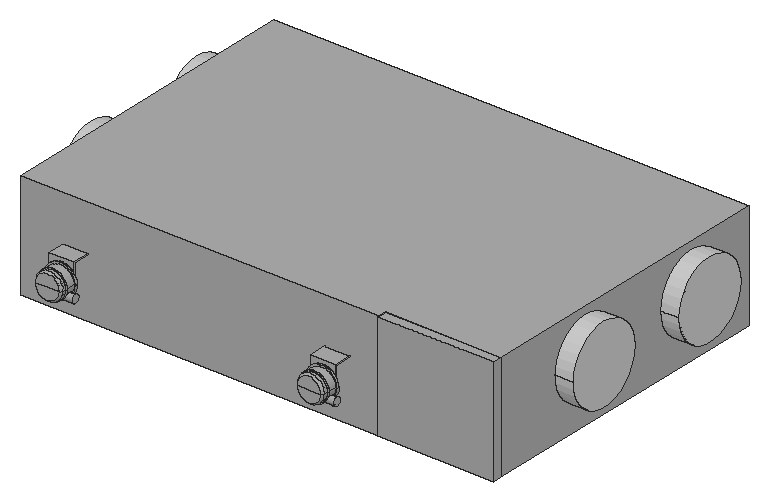
Revit family "BLAUBERG-KOMFORT_EC_DBW_550_Right", category Mechanical Equipment, Revit 2019
Family settings
  Round Connector Dimension = Use Diameter
  Classification = None
  Part Type = Normal
  OmniClass Number = 23.75.35.14
  OmniClass Title = Air Handling Units
  Work Plane-Based = No
  Always vertical = Yes
  Cut with Voids When Loaded = No
  Shared = No
  Room Calculation Point = No
Parameters (values of type "KOMFORT EC DBW 550 R S21")
  Weight = 68.00 kg
  LDrainCon = 28 mm
  Maximum Unit Power = 297 W
  Maximum Unit Current = 2.4 A
  HeaterSupplyConL = 355 mm
  HeaterSupplyConH = 30 mm
  HeaterReturnConL = 376 mm
  HeaterReturnConH = 118 mm
  Heater Pressure Drop [instance] = 0.0 Pa
  Heater Power [instance] = 0 W
  Heater Flow [instance] = 0.0 L/s
  Heater Connection Diameter = 20 mm
  Heat Exchanger Material = "polystyrene"
  LDuctCon = 50 mm  # constant formula
  HDrainCon = 31 mm
  H = 280 mm
  Front Maintenance Zone Width = H  # 280 mm
  Front Maintenance Zone Length = L  # 1238 mm
  ElBoxB1 = 22 mm
  ElBoxB = 24 mm
  ElBoxL = 302 mm
  DrainPipe = yes
  DrainD = if(Drain Connection Diameter = 0 mm, 1 mm, Drain Connection Diameter)  # 14 mm
  Drain Flow [instance] = 0.0 L/s
  Drain Connection Diameter = 14 mm
  LDrainCon2 = 437 mm
  LDrainCon1 = 280 mm
  DPS_H = 170 mm
  DPS_L2 = 410 mm
  DPS_L1 = 145 mm
  B2 = 188 mm
  Air Flow Factor [instance] = 1  # constant formula
  B1 = 295 mm
  Air Flow Exhaust [instance] = 0 m³/h
  L = 1238 mm
  Voltage = 230 V
  URL = "https://blaubergventilatoren.de/en/product/komfort-ec-dbw-550-r-s21"
  Type Comments = "Air Handling Unit KOMFORT EC DBW 550 R S21"
  Transported Air Temperature (°C) = "-25…+40"
  Supply Air Filter = "G4 (F7 option)"
  Sound Pressure Level at 3 m (dBA) = 30
  SEC Class = "A"
  RPM (min-1) = 3100
  Power Factor = 1
  Power = Maximum Unit Power  # 297 W
  Number of Poles = 1
  Model = "KOMFORT EC DBW 550 R S21"
  Maximum Air Flow = 620 m³/h
  Manufacturer = "Blauberg"
  Maintenance Zone Material = Maintenance Zone
  Front Maintenance Zone Height = 850 mm
  Maintenance Zone [instance] = no
  Load Classification = HVAC
  B = 828 mm
  Heat recovery efficiency (%) = "78..90"
  Heat Exchanger Type = "counter-flow"
  H1 = 118 mm
  Metal Material = Metal Zinc
  Family Version = "1.0"  # constant formula
  Extract Air Filter = "G4"
  Duct Connection Diameter = 200 mm
  Description = "Air Handling Unit"
  D = Duct Connection Diameter  # 200 mm
  Current = Maximum Unit Current  # 2.4 A
  Copyright = "©Blauberg"
  Casing Material = Painted Steel Gray
  Apparent Power [instance] = Power / Power Factor  # 297 VA
  Air Flow Supply [instance] = 0 m³/h
Types (2, lengths in mm): name | Heat Exchanger Material | DrainPipe | DrainD | Drain Connection Diameter | URL | Type Comments | Model | Heat recovery efficiency (%)
  KOMFORT EC DBW 550 R S21 | "polystyrene" | yes | 14 | 14 | "https://blaubergventilatoren.de/en/product/komfort-ec-dbw-550-r-s21" | "Air Handling Unit KOMFORT EC DBW 550 R S21" | "KOMFORT EC DBW 550 R S21" | "78..90"
  KOMFORT EC DBW 550-E R S21 | "enthalpy" | no | 1 | 0 | "https://blaubergventilatoren.de/en/product/komfort-ec-dbw-550-e-r-s21" | "Air Handling Unit KOMFORT EC DBW 550-E R S21" | "KOMFORT EC DBW 550-E R S21" | "69..87"
Reference planes
  plane 1 "Center (Front/Back)": y = 0
  plane 2: z = 0
  plane 3 "Center (Left/Right)": x = 0
  plane 4 "Back": y = 414
  plane 5 "Front": y = -414
  plane 6 "L": x = -619
  plane 7 "R": x = 619
  plane 8 "DuctConB2": y = 226
  plane 9 "DuctConB1": y = -119
  plane 10: x = -669
  plane 11: x = 669
  plane 12 "Top": z = 118
  plane 13 "Bottom": z = -162
  plane 14 "DrainConH": z = -131
  plane 15 "DrainConL1": x = -339
  plane 16 "DrainConL2": x = 182
  plane 17 "S": y = 442
  plane 18 "ElBox": y = -392
  plane 19: y = -416
  plane 20: x = 317
  plane 21 "DPSL1": x = 209
  plane 22 "DPSL2": x = -474
  plane 23 "DPS_H": z = -52
  plane 24 "HeaterReturnConH": z = -44
  plane 25 "HeaterSupplyConH": z = -132
  plane 26 "HeaterSupplyConL": x = 264
  plane 27 "HeaterReturnConL": x = 243
Forms (mm)
  Extrusion 1, solid, material "Painted Steel Gray" <- "Casing Material", detail levels medium+fine
    sketch origin (0, 0, 0) x (1, 0, 0) y (0, 1, 0)
      loop
        line (-619, 414) -> (-619, -414) -> (317, -414) -> (317, -392) -> (619, -392) -> (619, 414) -> (-619, 414)
    from -162 to 118
  Extrusion 2, solid, material "Metal Zinc" <- "Metal Material", detail levels medium+fine
    sketch origin (-619, 0, 0) x (0, 1, 0) y (0, 0, 1)
      loop
        circle (226, 0) r 100
      loop
        circle (-119, 0) r 100
    from 0 to -50
  Extrusion 3, solid, material "Metal Zinc" <- "Metal Material", detail levels medium+fine
    sketch origin (619, 0, 0) x (0, 1, 0) y (0, 0, 1)
      loop
        circle (226, 0) r 100
      loop
        circle (-119, 0) r 100
    from 0 to 50
  Extrusion 4, solid, visible <- "DrainPipe", detail levels medium+fine
    sketch origin (0, 414, 0) x (-1, 0, 0) y (0, 0, 1)
      loop
        circle (339, -131) r 7
    from 0 to 28
  Extrusion 5, solid, visible <- "DrainPipe", detail levels medium+fine
    sketch origin (0, 414, 0) x (-1, 0, 0) y (0, 0, 1)
      loop
        circle (-182, -131) r 7
    from 0 to 28
  Extrusion 6, solid, material "Painted Steel Gray" <- "Casing Material", detail levels medium+fine
    sketch origin (0, 0, 0) x (1, 0, 0) y (0, 1, 0)
      loop
        line (317, -416) -> (619, -416) -> (619, -392) -> (317, -392) -> (317, -416)
    from -162 to 118
  Extrusion 7, solid, material "Painted Steel Gray" <- "Casing Material", detail levels medium+fine
    sketch origin (0, 414, 0) x (-1, 0, 0) y (0, 0, 1)
      loop
        circle (-264, -132) r 10
      loop
        circle (-243, -44) r 10
    from 0 to 28
Lines and regions (mm)
  model lines, detail levels coarse
    curve 1: line (-619, 414, 0) -> (619, 414, 0)
    curve 2: line (-619, -414, 0) -> (-619, 414, 0)
    curve 3: line (619, -414, 0) -> (-619, -414, 0)
    curve 4: line (619, 414, 0) -> (619, -414, 0)
    curve 5: line (-619, 226, 0) -> (-669, 226, 0)
    curve 6: line (-619, -119, 0) -> (-669, -119, 0)
    curve 7: line (619, -119, 0) -> (669, -119, 0)
    curve 8: line (619, 226, 0) -> (669, 226, 0)
Dimensions and locks
  equal spacing: plane 6 "L", plane 3 "Center (Left/Right)", plane 7 "R"
  "L": plane 6 "L" to plane 7 "R"
  equal spacing: plane 4 "Back", plane 1 "Center (Front/Back)", plane 5 "Front"
  "B": plane 4 "Back" to plane 5 "Front"
  "B2": plane 4 "Back" to plane 8 "DuctConB2"
  "B1": plane 9 "DuctConB1" to plane 5 "Front"
  "LDuctCon": plane 10 to plane 6 "L"
  "LDuctCon": plane 7 "R" to plane 11
  "H1": plane 12 "Top" to level
  "H": plane 12 "Top" to plane 13 "Bottom"
  "HDrainCon": plane 14 "DrainConH" to plane 13 "Bottom"
  "LDrainCon1": plane 6 "L" to plane 15 "DrainConL1"
  "LDrainCon2": plane 16 "DrainConL2" to plane 7 "R"
  "ElBoxL": plane 20 to plane 7 "R"
  "DPS_L1": plane 6 "L" to plane 22 "DPSL2"
  "DPS_L2": plane 21 "DPSL1" to plane 7 "R"
  "DPS_H": plane 12 "Top" to plane 23 "DPS_H"
  "LDrainCon": plane 17 "S" to plane 4 "Back"
  "ElBoxB1": plane 18 "ElBox" to plane 5 "Front"
  "ElBoxB": plane 18 "ElBox" to plane 19
  "HeaterSupplyConH": plane 13 "Bottom" to plane 25 "HeaterSupplyConH"
  "HeaterReturnConH": plane 13 "Bottom" to plane 24 "HeaterReturnConH"
  "HeaterSupplyConL": plane 26 "HeaterSupplyConL" to plane 7 "R"
  "HeaterReturnConL": plane 27 "HeaterReturnConL" to plane 7 "R"
  "D": diameter of Extrusion 2 sketch curve  (x2)
  "D": diameter of Extrusion 3 sketch curve  (x2)
  "DrainD": diameter of Extrusion 4 sketch curve
  "DrainD": diameter of Extrusion 5 sketch curve
  "Heater Connection Diameter": diameter of Extrusion 7 sketch curve  (x2)
  aligned and locked: level to plane 2
  aligned and locked: Extrusion 1 sketch curve to plane 4 "Back"
  aligned and locked: plane 6 "L" to Extrusion 1 sketch curve
  aligned and locked: plane 5 "Front" to Extrusion 1 sketch curve
  aligned and locked: plane 12 "Top" to Extrusion 1
  aligned and locked: Extrusion 1 to plane 13 "Bottom"
  aligned and locked: plane 11 to Extrusion 3
  aligned and locked: Extrusion 2 to plane 10
  aligned and locked: Extrusion 4 to plane 17 "S"
  aligned and locked: Extrusion 5 to plane 17 "S"
  aligned and locked: Extrusion 6 sketch curve to plane 19
  aligned and locked: plane 18 "ElBox" to Extrusion 6 sketch curve
  aligned and locked: Extrusion 6 sketch curve to plane 7 "R"
  aligned and locked: plane 12 "Top" to Extrusion 6
  aligned and locked: Extrusion 6 to plane 13 "Bottom"
  aligned and locked: plane 20 to Extrusion 6 sketch curve
  aligned and locked: nested 1 to plane 3 "Center (Left/Right)"
  aligned and locked: plane 12 "Top" to nested 1
  aligned and locked: curve 3 to Extrusion 1
  aligned and locked: plane 10 to curve 5
  aligned and locked: plane 6 "L" to curve 5
  aligned and locked: plane 8 "DuctConB2" to curve 5
  aligned and locked: plane 10 to curve 6
  aligned and locked: plane 6 "L" to curve 6
  aligned and locked: plane 9 "DuctConB1" to curve 6
  aligned and locked: plane 11 to curve 7
  aligned and locked: plane 7 "R" to curve 7
  aligned and locked: curve 7 to plane 9 "DuctConB1"
  aligned and locked: plane 11 to curve 8
  aligned and locked: curve 8 to plane 8 "DuctConB2"
  aligned and locked: plane 20 to Extrusion 1 sketch curve
  aligned and locked: plane 7 "R" to Extrusion 1 sketch curve
  aligned and locked: Extrusion 1 sketch curve to plane 18 "ElBox"
  aligned and locked: Extrusion 1 sketch curve to plane 20
  aligned and locked: nested 1 to plane 5 "Front"
  aligned and locked: nested 2 to plane 23 "DPS_H"
  aligned and locked: plane 22 "DPSL2" to nested 2
  aligned and locked: nested 3 to plane 23 "DPS_H"
  aligned and locked: plane 21 "DPSL1" to nested 3
Automatic sketch dimensions
  curve 2 to plane 4 "Back" = 0 mm
  Extrusion 2 sketch curve to level = 0 mm  (x2)
  Extrusion 2 sketch curve to plane 9 "DuctConB1" = 0 mm
  Extrusion 2 sketch curve to plane 8 "DuctConB2" = 0 mm
  Extrusion 3 sketch curve to level = 0 mm  (x2)
  Extrusion 3 sketch curve to plane 9 "DuctConB1" = 0 mm
  Extrusion 3 sketch curve to plane 8 "DuctConB2" = 0 mm
  Extrusion 4 sketch curve to plane 14 "DrainConH" = 0 mm
  Extrusion 4 sketch curve to plane 15 "DrainConL1" = 0 mm
  Extrusion 5 sketch curve to plane 14 "DrainConH" = 0 mm
  Extrusion 5 sketch curve to plane 16 "DrainConL2" = 0 mm
  Extrusion 7 sketch curve to plane 25 "HeaterSupplyConH" = 0 mm
  Extrusion 7 sketch curve to plane 26 "HeaterSupplyConL" = 0 mm
  Extrusion 7 sketch curve to plane 24 "HeaterReturnConH" = 0 mm
  Extrusion 7 sketch curve to plane 27 "HeaterReturnConL" = 0 mm
Nested families
  nested 1: "MaintenanceZone_Rect" at (0, -1264, -22) x (-1, 0, 0) z (0, -1, 0), visible <- "Maintenance Zone", type "Side", detail levels medium+fine
    with Maintenance Zone Width 280 mm, Maintenance Zone Length 1238 mm, Maintenance Zone Height 850 mm
  nested 2: "DPS" at (-474, -414, -52) x (1, 0, 0) z (0, -1, 0), type "DPS", detail levels medium+fine
  nested 3: "DPS" at (209, -414, -52) x (1, 0, 0) z (0, -1, 0), type "DPS", detail levels medium+fine
Connectors
  electrical at (619, -404, -22), driven by "Number of Poles", driven by "Load Classification", driven by "Voltage", driven by "Apparent Power", driven by "Power Factor"
    settings: on Extrusion 6, index 1, voltage 230 V, apparent load 297 VA, apparent load phase1 0 VA, apparent load phase2 0 VA, apparent load phase3 0 VA, power factor 1, load classification "HVAC", number of poles 1, system type 30, power factor state 1, is connector primary yes, connector utility no, sub classification motor no, connector description ""
  hvac at (669, -119, 0), driven by "Duct Connection Diameter", driven by "Air Flow Supply"
    settings: on Extrusion 3, index 2, duct flow 0 m³/h, flow factor 0, pres drop 0.0 Pa, loss coef 0, conn angle 0.00°, conn width 304.8 mm, conn height 304.8 mm, conn diameter 200 mm, duct sys type 3, conn prof type 0, flow config 0, flow direction 1, loss method 0, conn ref index -1, conn util no, is conn primary yes, conn desc "Extract Air"
  hvac at (669, 226, 0), driven by "Duct Connection Diameter", driven by "Air Flow Exhaust"
    settings: on Extrusion 3, index 3, duct flow 0 m³/h, flow factor 0, pres drop 0.0 Pa, loss coef 0, conn angle 0.00°, conn width 304.8 mm, conn height 304.8 mm, conn diameter 200 mm, duct sys type 1, conn prof type 0, flow config 0, flow direction 2, loss method 0, conn ref index -1, conn util no, is conn primary no, conn desc "Supply Air"
  hvac at (-669, 226, 0), driven by "Duct Connection Diameter", driven by "Air Flow Supply"
    settings: on Extrusion 2, index 4, duct flow 0 m³/h, flow factor 0, pres drop 0.0 Pa, loss coef 0, conn angle 0.00°, conn width 304.8 mm, conn height 304.8 mm, conn diameter 200 mm, duct sys type 3, conn prof type 0, flow config 1, flow direction 2, loss method 0, conn ref index -1, conn util no, is conn primary no, conn desc "Exhaust Air"
  hvac at (-669, -119, 0), driven by "Duct Connection Diameter", driven by "Air Flow Exhaust"
    settings: on Extrusion 2, index 5, duct flow 0 m³/h, flow factor 0, pres drop 0.0 Pa, loss coef 0, conn angle 0.00°, conn width 304.8 mm, conn height 304.8 mm, conn diameter 200 mm, duct sys type 1, conn prof type 0, flow config 1, flow direction 1, loss method 0, conn ref index -1, conn util no, is conn primary no, conn desc "Intake Air"
  piping at (-339, 442, -131), diameter 14, driven by "Drain Connection Diameter", driven by "Drain Flow"
    settings: on Extrusion 4, index 6, connector inside diameter 609.6 mm, connector length 0 mm, flow factor 0, pipe flow 0.0 L/s, pressure drop 0.0 Pa, fitting loss kfactor 0, connector angle 0.00°, fixture units 0, engagement length 0 mm, angle of deflection 0.00°, flow configuration 1, flow direction 2, fitting loss method 0, system type 16, joint type 0, gender type 0, connector reference index -1, connector utility 0, adjustable connector no, is connector primary yes, connector description ""
  piping at (182, 442, -131), diameter 14, driven by "Drain Connection Diameter", driven by "Drain Flow"
    settings: on Extrusion 5, index 7, connector inside diameter 609.6 mm, connector length 0 mm, flow factor 0, pipe flow 0.0 L/s, pressure drop 0.0 Pa, fitting loss kfactor 0, connector angle 0.00°, fixture units 0, engagement length 0 mm, angle of deflection 0.00°, flow configuration 1, flow direction 2, fitting loss method 0, system type 16, joint type 0, gender type 0, connector reference index -1, connector utility 0, adjustable connector no, is connector primary no, connector description ""
  piping at (243, 442, -44), diameter 20, driven by "Heater Flow", driven by "Heater Pressure Drop", driven by "Heater Connection Diameter"
    settings: on Extrusion 7, index 8, connector inside diameter 609.6 mm, connector length 0 mm, flow factor 0, pipe flow 0.0 L/s, pressure drop 0.0 Pa, fitting loss kfactor 0, connector angle 0.00°, fixture units 0, engagement length 0 mm, angle of deflection 0.00°, flow configuration 1, flow direction 2, fitting loss method 4, system type 8, joint type 0, gender type 0, connector reference index -1, connector utility 0, adjustable connector no, is connector primary no, connector description "Water outlet"
  piping at (264, 442, -132), diameter 20, driven by "Heater Flow", driven by "Heater Pressure Drop", driven by "Heater Connection Diameter"
    settings: on Extrusion 7, index 9, connector inside diameter 609.6 mm, connector length 0 mm, flow factor 0, pipe flow 0.0 L/s, pressure drop 0.0 Pa, fitting loss kfactor 0, connector angle 0.00°, fixture units 0, engagement length 0 mm, angle of deflection 0.00°, flow configuration 1, flow direction 1, fitting loss method 4, system type 7, joint type 0, gender type 0, connector reference index -1, connector utility 0, adjustable connector no, is connector primary no, connector description "Water inlet"
Definition of nested family "MaintenanceZone_Rect"
  Parameters (values of type "MaintenanceZone_Rect")
    Maintenance Zone Width = 500 mm
    Material = none
    Maintenance Zone Length = 1000 mm
    Maintenance Zone Height = 300 mm
    Family Version = ""
    Default Elevation = 1219.2 mm
    Copyright = ""
  Reference planes
    plane 1 "Center (Front/Back)": y = 0
    plane 2: z = 0
    plane 3 "Center (Left/Right)": x = 0
    plane 4: x = -500
    plane 5: x = 500
    plane 6: y = 250
    plane 7: y = -250
    plane 8: z = -300
  Forms (mm)
    Extrusion 1, solid, material <- "Material", detail levels medium+fine
      sketch origin (0, 0, 0) x (1, 0, 0) y (0, 1, 0)
        loop
          line (-500, 250) -> (-500, -250) -> (500, -250) -> (500, 250) -> (-500, 250)
      from 0 to -300
  Lines and regions (mm)
    symbolic lines, detail levels medium+fine
      curve 1: line (-500, 0, 0) -> (500, 0, 0)
      curve 2: line (-500, 0, -300) -> (-500, 0, 0)
      curve 3: line (500, 0, -300) -> (-500, 0, -300)
      curve 4: line (500, 0, 0) -> (500, 0, -300)
      curve 5: line (0, 250, 0) -> (0, -250, 0)
      curve 6: line (0, 250, -300) -> (0, 250, 0)
      curve 7: line (0, -250, -300) -> (0, 250, -300)
      curve 8: line (0, -250, 0) -> (0, -250, -300)
      curve 9: line (-500, 250, 0) -> (500, 250, 0)
      curve 10: line (-500, -250, 0) -> (-500, 250, 0)
      curve 11: line (500, -250, 0) -> (-500, -250, 0)
      curve 12: line (500, 250, 0) -> (500, -250, 0)
  Dimensions and locks
    equal spacing: plane 6, plane 1 "Center (Front/Back)", plane 7
    equal spacing: plane 4, plane 3 "Center (Left/Right)", plane 5
    "Maintenance Zone Width": plane 6 to plane 7
    "Maintenance Zone Length": plane 4 to plane 5
    "Maintenance Zone Height": plane 2 to plane 8
    aligned and locked: level to plane 2
    aligned and locked: Extrusion 1 sketch curve to plane 6
    aligned and locked: plane 4 to Extrusion 1 sketch curve
    aligned and locked: plane 7 to Extrusion 1 sketch curve
    aligned and locked: Extrusion 1 sketch curve to plane 5
    aligned and locked: Extrusion 1 to plane 8
    aligned and locked: curve 1 to Extrusion 1
    aligned and locked: curve 2 to Extrusion 1
    aligned and locked: curve 3 to Extrusion 1
    aligned and locked: curve 4 to Extrusion 1
    aligned and locked: curve 5 to Extrusion 1
    aligned and locked: curve 6 to Extrusion 1
    aligned and locked: curve 7 to Extrusion 1
    aligned and locked: curve 8 to Extrusion 1
    aligned and locked: curve 9 to Extrusion 1
    aligned and locked: curve 10 to Extrusion 1
    aligned and locked: curve 11 to Extrusion 1
    aligned and locked: curve 12 to Extrusion 1
Definition of nested family "DPS"
  Parameters (values of type "DPS")
    W1 = 65 mm
    Thikness = 2 mm
    Material = none
    H1 = 47 mm
    Default Elevation = 1219.2 mm
  Reference planes
    plane 1 "Center (Front/Back)": y = 0
    plane 2: z = 0
    plane 3 "Center (Left/Right)": x = 0
    plane 4: z = 47
    plane 5: z = 51.5
    plane 6: z = 75.5
    plane 7: z = 78
    plane 8: z = 92
    plane 9: z = 86
    plane 10: x = -32.5
    plane 11: x = 32.5
    plane 12 "1": y = 50
    plane 13: y = 48
    plane 14: z = 45
    plane 15 "2": y = -22
    plane 16: z = 64
  Forms (mm)
    Revolve 1, solid, material <- "Material"
      sketch origin (0, 0, 0) x (1, 0, 0) y (0, 0, 1)
        loop
          line (-40.5, 47) -> (0, 47) -> (0, 92) -> (-31, 92) -> (-35, 86) -> (-35, 78) -> (-37.309, 78) -> (-37.309, 75.5) -> (-36, 75.5) -> (-36, 51.5) -> (-40.5, 51.5) -> (-40.5, 47)
        axis (0, 92) -> (0, 47)
      angle from 0 to 360
    Extrusion 2, solid, material <- "Material"
      sketch origin (0, 0, 0) x (0, 1, 0) y (0, 0, 1)
        loop
          line (50, 0) -> (50, 47) -> (0, 47) -> (0, 45) -> (48, 45) -> (48, 0) -> (50, 0)
      from -32.5 to 32.5
    Extrusion 3, solid, material <- "Material"
      sketch origin (0, 0, 0) x (0, 1, 0) y (0, 0, 1)
        loop
          circle (-22, 64) r 10
      from 0 to 50
  Cuts and joins
    joined: Revolve 1, Extrusion 3
  Dimensions and locks
    locked: plane 5 to plane 4 at 4.5
    locked: plane 6 to plane 5 at 24
    locked: plane 7 to plane 6 at 2.5
    locked: plane 8 to plane 9 at 6
    locked: plane 9 to plane 7 at 8
    "H1": plane 4 to level
    equal spacing: plane 11, plane 3 "Center (Left/Right)", plane 10
    "W1": plane 11 to plane 10
    "Thikness": plane 4 to plane 14
    "Thikness": plane 12 "1" to plane 13
    locked: plane 1 "Center (Front/Back)" to plane 12 "1" at 50
    locked: plane 15 "2" to plane 1 "Center (Front/Back)" at 22
    plane 16 to plane 4 = 17 mm
    aligned and locked: level to plane 2
    aligned and locked: Revolve 1 sketch curve to plane 3 "Center (Left/Right)"  (x2)
    aligned and locked: plane 6 to Revolve 1 sketch curve
    aligned and locked: plane 7 to Revolve 1 sketch curve
    aligned and locked: plane 5 to Revolve 1 sketch curve
    aligned and locked: plane 8 to Revolve 1 sketch curve
    aligned and locked: Extrusion 2 sketch curve to plane 13
    aligned and locked: plane 14 to Extrusion 2 sketch curve
    aligned and locked: Extrusion 2 sketch curve to plane 1 "Center (Front/Back)"
    aligned and locked: Extrusion 2 to plane 10
    aligned and locked: plane 11 to Extrusion 2
  Automatic sketch dimensions
    Revolve 1 sketch curve to plane 4 = 0 mm
    Revolve 1 sketch curve to plane 9 = 0 mm
    Revolve 1 sketch curve to plane 3 "Center (Left/Right)" = 31 mm
    Revolve 1 sketch curve to Revolve 1 sketch curve = 4 mm
    Revolve 1 sketch curve to Revolve 1 sketch curve = 1 mm
    Revolve 1 sketch curve to Revolve 1 sketch curve = 1.309 mm
    Revolve 1 sketch curve to Revolve 1 sketch curve = 4.5 mm
    Revolve 1 sketch curve to Revolve 1 sketch curve = 27.818 mm
    Revolve 1 sketch curve to Revolve 1 sketch curve = 2.182 mm
    Extrusion 2 sketch curve to level = 0 mm
    Extrusion 2 sketch curve to plane 12 "1" = 0 mm
    Extrusion 2 sketch curve to plane 4 = 0 mm
    Extrusion 3 sketch curve to plane 15 "2" = 0 mm
    Extrusion 3 sketch curve to plane 16 = 0 mm
    radius of Extrusion 3 sketch curve = 10 mm
